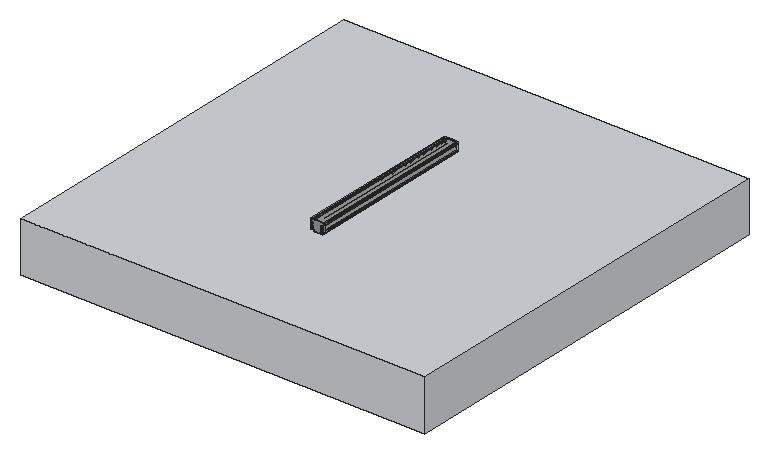
Revit family "L-industry NEW 48 T", category Осветительные приборы, Revit 2017 (continued)
Types (2, lengths in mm): name | built-in parameter 1150134 | Файл фотометрической сетки | built-in parameter 1150142 | built-in parameter 1150107 | Артикул
  L-industry NEW 48 5.0K Д Duris | 2 | "L-industry NEW 48T-46-D-5.0K-02 Duris.ies" | "IESNA:LM-63-1995\r\n[TEST]LEDEL\r\n[DATA]27.11.2018\r\n[MANUFAC]LEDEL\r\n[LUMCAT]L-industry NEW 48Т/46/Д/5.0K/02\r\n[LUMINAIRE]Для освещения  промышленных объектов, складов, рекламных щитов, вывесок, декоративной подсветки  \r\n[MORE]\r\n[LAMPCAT]LED \r\n[LAMP]OSRAM DURIS\r\nTILT=NONE\r\n\r\n1 6084 4.76489 37 19 1 2 1.033 0.083 0.166\r\n\r\n1 1 46\r\n0 2.5 5 7.5 10 12.5 15 17.5 20 22.5 25 27.5 30 32.5 35 37.5 40 42.5 45 47.5\r\n 50 52.5 55 57.5 60 62.5 65 67.5 70 72.5 75 77.5 80 82.5 85 87.5 90\r\n\r\n  0 5 10 15 20 25 30 35 40 45 50 55 60 65 70 75\r\n  80 85 90\r\n\r\n  647 647 644 639 633 625 612 600 586 573 559 541 522 494 439\r\n  381 335 296 261 229 199 158 122 103 99 98 81 66 60 59\r\n  52 50 44 35 20 5 1\r\n  648 648 647 640 633 626 616 605 592 575 561 542 522 498 444\r\n  385 337 298 262 221 190 161 133 115 111 107 86 71 68 59\r\n  48 47 40 31 18 3 1\r\n  648 648 647 641 638 627 617 603 589 576 561 543 522 499 451\r\n  392 337 296 243 197 168 159 141 119 94 84 77 65 53 55\r\n  52 44 37 28 15 3 1\r\n  647 648 647 642 635 625 614 601 589 575 559 542 521 495 460\r\n  404 343 286 225 191 167 144 125 103 88 84 80 75 58 43\r\n  42 41 34 25 13 4 1\r\n  647 649 647 640 632 622 613 601 586 574 556 537 515 491 461\r\n  414 354 281 232 194 167 143 120 115 112 92 69 55 55 54\r\n  43 34 28 21 12 3 1\r\n  647 649 647 640 631 623 616 602 589 575 559 536 516 494 467\r\n  433 373 285 230 199 170 148 129 112 95 83 74 71 61 47\r\n  44 44 31 22 12 3 1\r\n  647 649 647 639 631 625 615 602 591 576 559 536 519 494 469\r\n  433 379 303 239 199 181 171 140 112 96 91 86 71 63 61\r\n  53 43 38 30 19 5 1\r\n  647 648 644 639 631 625 614 601 589 574 557 542 521 500 469\r\n  428 370 324 277 228 195 164 136 121 112 107 80 61 66 63\r\n  55 50 44 36 22 6 1\r\n  647 648 644 639 633 626 611 601 589 575 557 541 524 503 474\r\n  433 373 322 290 269 231 180 150 146 142 114 94 88 80 68\r\n  62 58 47 41 24 9 2\r\n  647 647 644 637 631 623 610 601 590 575 559 541 525 503 474\r\n  428 365 317 286 269 237 189 149 128 122 105 85 78 80 63\r\n  62 59 52 43 30 13 3\r\n  647 648 648 642 641 634 619 611 600 584 570 553 535 515 492\r\n  454 395 341 308 283 245 197 168 165 151 120 104 94 77 71\r\n  68 59 54 44 31 14 4\r\n  647 648 649 644 639 633 622 611 600 586 572 553 535 512 485\r\n  447 395 341 299 259 223 182 148 126 124 116 88 68 67 62\r\n  62 55 47 39 27 11 4\r\n  647 649 649 642 639 633 618 609 600 586 569 549 529 509 483\r\n  447 395 328 269 219 193 182 157 120 103 102 94 73 67 66\r\n  51 46 43 32 21 10 3\r\n  647 649 649 644 639 632 625 610 600 584 567 545 524 500 474\r\n  440 386 309 253 218 185 160 140 117 96 87 85 77 60 52\r\n  46 39 34 27 15 6 3\r\n  647 648 648 647 638 630 624 611 595 582 565 544 521 495 468\r\n  432 380 310 251 209 181 156 135 128 117 92 66 62 61 58\r\n  44 35 30 21 12 5 3\r\n  647 649 648 647 639 631 618 610 599 583 567 550 524 499 469\r\n  430 376 308 244 209 181 156 140 119 97 92 85 77 61 42\r\n  42 39 31 20 14 6 2\r\n  648 649 648 644 639 632 620 606 595 584 567 546 524 496 461\r\n  413 357 307 255 215 192 178 152 113 94 86 83 68 59 55\r\n  44 36 30 22 12 5 3\r\n  648 648 647 643 639 632 623 611 597 582 566 546 526 500 465\r\n  413 363 323 281 241 211 184 144 125 121 116 92 70 69 59\r\n  47 41 37 27 14 6 2\r\n  647 648 645 642 639 630 618 607 597 581 567 552 529 504 471\r\n  420 364 316 280 250 220 181 124 103 103 108 90 63 63 66\r\n  46 43 38 26 14 5 3\r\n\r" | 5000 (stored number, unit not read) | "404003"
